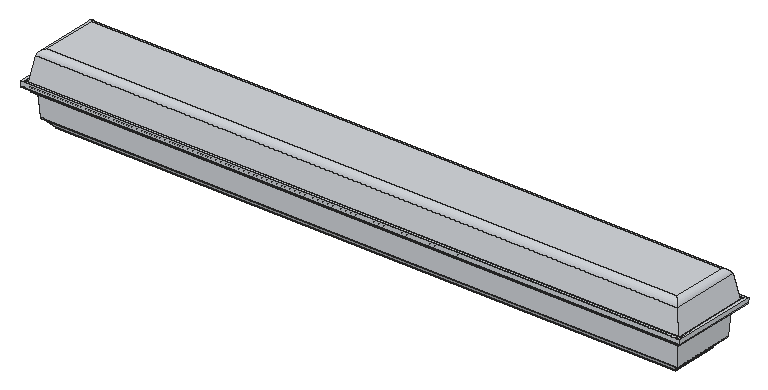
Revit family "Q1", category Lighting Fixtures, host Face, Revit 2025
Family settings
  Host = Face
  Round Connector Dimension = Use Diameter
  Part Type = Normal
  Cut with Voids When Loaded = No
  Light Source = Yes
  Maintain Annotation Orientation = Yes
  Shared = No
  Room Calculation Point = No
Parameters (values of type "METALUX 4VT2-LD4-8-DR-UNV-L835-CD1-WL-U")
  Width = 49 13/16"
  Wattage = 9.2903 W
  built-in parameter 1150110 = 1 (stored number, unit not read)
  URL = "https://www.cooperlighting.com/global/brands/metalux/284381/vt2-led-series/4vt2-ld5-8-dr-unv-l840-cd1-wl-u#BRO"
  built-in parameter 1114217 = 1 (stored number, unit not read)
  built-in parameter 1150109 = 1 (stored number, unit not read)
  built-in parameter 1150134 = 3
  Sweep Margin = 3"
  built-in parameter 1150113 = 1 (stored number, unit not read)
  Offset [instance] = 0"
  Nominal Width = Width - (Sweep Margin * 2)  # 43 13/16"
  Model = "METALUX 4VT2-LD4-8-DR-UNV-L835-CD1-WL-U"
  Manufacturer = "Cooper Lighting Solutions"
  built-in parameter 1150105 = 109.82 (stored number, unit not read)
  Lumens = 1380 lm
  built-in parameter 1150115 = 1 (stored number, unit not read)
  Light Source Symbol Size = 24"
  built-in parameter 1150137 = (empty or 0)
  built-in parameter 1150139 = (empty or 0)
  built-in parameter 1150112 = 1 (stored number, unit not read)
  built-in parameter 1150114 = 1 (stored number, unit not read)
  built-in parameter 1150132 = (empty or 0)
  built-in parameter 1150102 = (empty or 0)
  built-in parameter 1150107 = 3200 (stored number, unit not read)
  built-in parameter 1150138 = (empty or 0)
  built-in parameter 1150106 = 1.0982 (stored number, unit not read)
  Height = 6.45575"
  Emit from Line Length = 24"
  built-in parameter 1150104 = 13.8 (stored number, unit not read)
  Dimming Lamp Color Temperature Shift = <None>
  Default Elevation = 48"
  Color Filter = 16777215
  Ballast Voltage = 0 V
  built-in parameter 1114218 = 1 (stored number, unit not read)
  built-in parameter 1150133 = 10 (stored number, unit not read)
  Apparent Load = 0 VA
Reference planes (in)
  plane 1 "Center (Front/Back)": y = 0
  plane 2: z = 0
  plane 3 "Center (Left/Right)": x = 0
  plane 4: y = 0.5
  plane 5: z = 0
  plane 6: x = -19.5047163
  plane 7: x = -16.5268409
  plane 8: y = 0
  plane 9: x = 0
  plane 10: z = 0
  plane 11: y = 0.5
  plane 12: z = 0
  plane 13: x = -16.5268409
  plane 14: z = 0
Forms (in)
  Sweep 1, solid, detail levels medium+fine
    path origin (0, -32.2738911, 0) x (1, 0, 0) y (0, 1, 0)
      loop
        line (-21.90625, 32.5238911) -> (-21.90625, 32.0238911) -> (21.90625, 32.0238911) -> (21.90625, 32.5238911) -> (-21.90625, 32.5238911)
    profile origin (0, 0.25, 0) x (0, 1, 0) y (0, 0, 1)
      loop
        line (1.8517777, 2.2280208) -> (0, 2.2280208) -> (0, -2.7744571) -> (0.2770275, -2.7744571) -> (0.5184892, -3.058736) -> (0.5526464, -3.0873973) -> (0.6080021, -3.1002343) -> (1.4023195, -3.1002343)
        arc (1.4023195, -3.1002343) -> (1.4566291, -3.0879562) -> (1.5003753, -3.0535099) r 0.1262521
        line (1.5003753, -3.0535099) -> (1.9422799, -2.5288614) -> (1.977364, -2.5117497)
        arc (1.977364, -2.5117497) -> (2.0626007, -2.4785934) -> (2.1030484, -2.3965652) r 0.1261803
        line (2.1030484, -2.3965652) -> (2.2555141, -0.6536343) -> (2.5283161, -0.6042732) -> (2.5793382, -0.3148419)
        arc (2.5793382, -0.3148419) -> (2.6008914, -0.277474) -> (2.6414339, -0.2627362) r 0.062992
        line (2.6414339, -0.2627362) -> (2.8826411, -0.2627362)
        arc (2.8826411, -0.2627362) -> (2.9252795, -0.2461462) -> (2.9454929, -0.2051013) r 0.0630879
        line (2.9454929, -0.2051013) -> (2.9778753, 0.1681459) -> (2.7854208, 0.1681459)
        arc (2.7854208, 0.1681459) -> (2.7657435, 0.1611198) -> (2.7574287, 0.1419514) r 0.0262523
        line (2.7574287, 0.1419514) -> (2.7574287, 0.110421)
        arc (2.7574287, 0.110421) -> (2.6998587, 0.0475936) -> (2.6322523, 0.0994681) r 0.0630674
        line (2.6322523, 0.0994681) -> (2.3276479, 1.8267446)
        arc (2.3276479, 1.8267446) -> (2.1624608, 2.1136539) -> (1.8517777, 2.2280208) r 0.4856194
  Extrusion 2, solid, detail levels medium+fine
    sketch origin (0, 0, 0) x (1, 0, 0) y (0, 1, 0)
      loop
        line (-23.4066253, 1.7503753) -> (-23.4066253, -1.7503753) -> (23.4066253, -1.7503753) -> (23.4066253, 1.7503753) -> (-23.4066253, 1.7503753)
    from -3.1002343 to 2.2280208
  Sweep 3, solid, not visible, detail levels medium+fine
    path origin (0, -32.2738911, -0.75) x (1, 0, 0) y (0, 1, 0)
      loop
        line (-21.90625, 32.5238911) -> (-21.90625, 32.0238911) -> (21.90625, 32.0238911) -> (21.90625, 32.5238911) -> (-21.90625, 32.5238911)
    profile origin (0, 0.25, -0.75) x (0, 1, 0) y (0, 0, 1)
      loop
        line (1.8517777, 2.9780208) -> (0, 2.9780208) -> (0, -2.0244571) -> (0.2770275, -2.0244571) -> (0.5184892, -2.308736) -> (0.5526464, -2.3373973) -> (0.6080021, -2.3502343) -> (1.4023195, -2.3502343)
        arc (1.4023195, -2.3502343) -> (1.4566291, -2.3379562) -> (1.5003753, -2.3035099) r 0.1262521
        line (1.5003753, -2.3035099) -> (1.9422799, -1.7788614) -> (1.977364, -1.7617497)
        arc (1.977364, -1.7617497) -> (2.0626007, -1.7285934) -> (2.1030484, -1.6465652) r 0.1261803
        line (2.1030484, -1.6465652) -> (2.2555141, 0.0963657) -> (2.5283161, 0.1457268) -> (2.5793382, 0.4351581)
        arc (2.5793382, 0.4351581) -> (2.6008914, 0.472526) -> (2.6414339, 0.4872638) r 0.062992
        line (2.6414339, 0.4872638) -> (2.8826411, 0.4872638)
        arc (2.8826411, 0.4872638) -> (2.9252795, 0.5038538) -> (2.9454929, 0.5448987) r 0.0630879
        line (2.9454929, 0.5448987) -> (2.9778753, 0.9181459) -> (2.7854208, 0.9181459)
        arc (2.7854208, 0.9181459) -> (2.7657435, 0.9111198) -> (2.7574287, 0.8919514) r 0.0262523
        line (2.7574287, 0.8919514) -> (2.7574287, 0.860421)
        arc (2.7574287, 0.860421) -> (2.6998587, 0.7975936) -> (2.6322523, 0.8494681) r 0.0630674
        line (2.6322523, 0.8494681) -> (2.3276479, 2.5767446)
        arc (2.3276479, 2.5767446) -> (2.1624608, 2.8636539) -> (1.8517777, 2.9780208) r 0.4856194
Cuts and joins
  joined: Sweep 1, Extrusion 2
Lines and regions (in)
  symbolic lines
    curve 1: line (-24.90625, 3.2278753, 0) -> (24.90625, 3.2278753, 0)
    curve 2: line (-24.90625, -3.2278753, 0) -> (-24.90625, 3.2278753, 0)
    curve 3: line (24.90625, -3.2278753, 0) -> (-24.90625, -3.2278753, 0)
    curve 4: line (24.90625, 3.2278753, 0) -> (24.90625, -3.2278753, 0)
Dimensions and locks (in)
  Sweep 1 sketch curve to Sweep 1 sketch curve = 1/2"
  plane 6 to plane 7 = 2.97788"
  "Nominal Width": Sweep 1 sketch curve to Sweep 1 sketch curve
  cut or joined group of Sweep 1, Extrusion 2 to cut or joined group of Sweep 1, Extrusion 2 = 49.76825"
  "Height": cut or joined group of Sweep 1, Extrusion 2 to cut or joined group of Sweep 1, Extrusion 2
  equal spacing: curve 2, plane 3 "Center (Left/Right)", curve 4
  equal spacing: curve 1, plane 1 "Center (Front/Back)", curve 3
  "Width": curve 2 to curve 4
  "Height": curve 1 to curve 3
  Sweep 3 sketch curve to Sweep 3 sketch curve = 1/2"
  "Nominal Width": Sweep 3 sketch curve to Sweep 3 sketch curve
  "Offset": plane 10 to plane 2
  aligned and locked: plane 2 to host face
  aligned and locked: level to host face
  aligned and locked: Sweep 1 to Extrusion 2
  aligned and locked: Extrusion 2 to Sweep 1
  aligned and locked: Extrusion 2 sketch curve to cut or joined group of Sweep 1, Extrusion 2  (x4)
Automatic sketch dimensions
  host sketch curve to host sketch curve = 96"  (x2)
  Sweep 1 sketch curve to profile plane = 0"
  Sweep 1 sketch curve to plane 4 = 0.02703"
  Sweep 1 sketch curve to plane 4 = 0.26849"
  Sweep 1 sketch curve to Sweep 1 sketch curve = 0.03416"
  Sweep 1 sketch curve to Sweep 1 sketch curve = 0.05536"
  Sweep 1 sketch curve to Sweep 1 sketch curve = 0.79432"
  Sweep 1 sketch curve to Sweep 1 sketch curve = 0.09806"
  Sweep 1 sketch curve to plane 4 = 1.59941"
  Sweep 1 sketch curve to Sweep 1 sketch curve = 0.00237"
  Sweep 1 sketch curve to Sweep 1 sketch curve = 0.4419"
  Sweep 1 sketch curve to Sweep 1 sketch curve = 0.03507"
  Sweep 1 sketch curve to Sweep 1 sketch curve = 0.03508"
  Sweep 1 sketch curve to Sweep 1 sketch curve = 0.1257"
  Sweep 1 sketch curve to Sweep 1 sketch curve = 0.15247"
  Sweep 1 sketch curve to Sweep 1 sketch curve = 0.47824"
  Sweep 1 sketch curve to Sweep 1 sketch curve = 0.2728"
  Sweep 1 sketch curve to Sweep 1 sketch curve = 0.05102"
  Sweep 1 sketch curve to Sweep 1 sketch curve = 0.05291"
  Sweep 1 sketch curve to Sweep 1 sketch curve = 0.06204"
  Sweep 1 sketch curve to Sweep 1 sketch curve = 0.00005"
  Sweep 1 sketch curve to Sweep 1 sketch curve = 0.06211"
  Sweep 1 sketch curve to Sweep 1 sketch curve = 0.06307"
  Sweep 1 sketch curve to Sweep 1 sketch curve = 0.02625"
  Sweep 1 sketch curve to Sweep 1 sketch curve = 0.00174"
  Sweep 1 sketch curve to Sweep 1 sketch curve = 0.24121"
  Sweep 1 sketch curve to Sweep 1 sketch curve = 0.06285"
  Sweep 1 sketch curve to Sweep 1 sketch curve = 0.19245"
  Sweep 1 sketch curve to Sweep 1 sketch curve = 1.73194"
  Sweep 1 sketch curve to Sweep 1 sketch curve = 0.011"
  Sweep 1 sketch curve to Sweep 1 sketch curve = 0.01711"
  Sweep 1 sketch curve to Sweep 1 sketch curve = 0.2456"
  Sweep 1 sketch curve to Sweep 1 sketch curve = 0.44512"
  Sweep 1 sketch curve to Sweep 1 sketch curve = 0.07953"
  Sweep 1 sketch curve to Sweep 1 sketch curve = 0.0415"
  Sweep 1 sketch curve to Sweep 1 sketch curve = 0.02866"
  Sweep 1 sketch curve to Sweep 1 sketch curve = 0.01089"
  Sweep 1 sketch curve to Sweep 1 sketch curve = 0.08434"
  plane 1 "Center (Front/Back)" to Extrusion 2 sketch curve = 1.75038"
  Sweep 1 sketch curve to plane 7 = 5.37941"
  Sweep 1 sketch curve to profile plane = 3.10023"
  Sweep 1 sketch curve to Sweep 1 sketch curve = 0.04936"
  Sweep 1 sketch curve to Sweep 1 sketch curve = 0.27855"
  Sweep 1 sketch curve to Sweep 1 sketch curve = 0.05763"
  profile plane to Sweep 1 sketch curve = 0.09947"
  Sweep 1 sketch curve to Sweep 1 sketch curve = 0.03153"
  profile plane to Sweep 1 sketch curve = 1.74241"
  Sweep 3 sketch curve to profile plane = 0"
  Sweep 3 sketch curve to plane 11 = 0.02703"
  Sweep 3 sketch curve to plane 11 = 0.26849"
  Sweep 3 sketch curve to Sweep 3 sketch curve = 0.03416"
  Sweep 3 sketch curve to Sweep 3 sketch curve = 0.05536"
  Sweep 3 sketch curve to Sweep 3 sketch curve = 0.79432"
  Sweep 3 sketch curve to Sweep 3 sketch curve = 0.09806"
  Sweep 3 sketch curve to plane 11 = 1.59941"
  Sweep 3 sketch curve to Sweep 3 sketch curve = 0.00237"
  Sweep 3 sketch curve to Sweep 3 sketch curve = 0.4419"
  Sweep 3 sketch curve to Sweep 3 sketch curve = 0.03507"
  Sweep 3 sketch curve to Sweep 3 sketch curve = 0.03508"
  Sweep 3 sketch curve to Sweep 3 sketch curve = 0.1257"
  Sweep 3 sketch curve to Sweep 3 sketch curve = 0.15247"
  Sweep 3 sketch curve to Sweep 3 sketch curve = 0.47824"
  Sweep 3 sketch curve to Sweep 3 sketch curve = 0.2728"
  Sweep 3 sketch curve to Sweep 3 sketch curve = 0.05102"
  Sweep 3 sketch curve to Sweep 3 sketch curve = 0.05291"
  Sweep 3 sketch curve to Sweep 3 sketch curve = 0.06204"
  Sweep 3 sketch curve to Sweep 3 sketch curve = 0.00005"
  Sweep 3 sketch curve to Sweep 3 sketch curve = 0.06211"
  Sweep 3 sketch curve to Sweep 3 sketch curve = 0.06307"
  Sweep 3 sketch curve to Sweep 3 sketch curve = 0.02625"
  Sweep 3 sketch curve to Sweep 3 sketch curve = 0.00174"
  Sweep 3 sketch curve to Sweep 3 sketch curve = 0.24121"
  Sweep 3 sketch curve to Sweep 3 sketch curve = 0.06285"
  Sweep 3 sketch curve to Sweep 3 sketch curve = 0.19245"
  Sweep 3 sketch curve to Sweep 3 sketch curve = 1.73194"
  Sweep 3 sketch curve to Sweep 3 sketch curve = 0.011"
  Sweep 3 sketch curve to Sweep 3 sketch curve = 0.01711"
  Sweep 3 sketch curve to Sweep 3 sketch curve = 0.2456"
  Sweep 3 sketch curve to Sweep 3 sketch curve = 0.44512"
  Sweep 3 sketch curve to Sweep 3 sketch curve = 0.07953"
  Sweep 3 sketch curve to Sweep 3 sketch curve = 0.0415"
  Sweep 3 sketch curve to Sweep 3 sketch curve = 0.02866"
  Sweep 3 sketch curve to Sweep 3 sketch curve = 0.01089"
  Sweep 3 sketch curve to Sweep 3 sketch curve = 0.08434"
  Sweep 3 sketch curve to plane 13 = 5.37941"
  Sweep 3 sketch curve to profile plane = 2.35023"
  Sweep 3 sketch curve to Sweep 3 sketch curve = 0.04936"
  Sweep 3 sketch curve to Sweep 3 sketch curve = 0.27855"
  Sweep 3 sketch curve to Sweep 3 sketch curve = 0.05763"
  profile plane to Sweep 3 sketch curve = 0.84947"
  Sweep 3 sketch curve to Sweep 3 sketch curve = 0.03153"
  profile plane to Sweep 3 sketch curve = 2.49241"
Connectors (in)
  electrical at (0, 1.2233478, -3.1002343), driven by "Ballast Voltage", driven by "Apparent Load"
    settings: on cut or joined group of Sweep 1, Extrusion 2, index 1, voltage 0 V, apparent load 0 VA, apparent load phase1 0 VA, apparent load phase2 0 VA, apparent load phase3 0 VA, power factor 1, load classification "Other", number of poles 1, system type 31, power factor state 1, is connector primary yes, connector utility no, sub classification motor no, connector description ""
